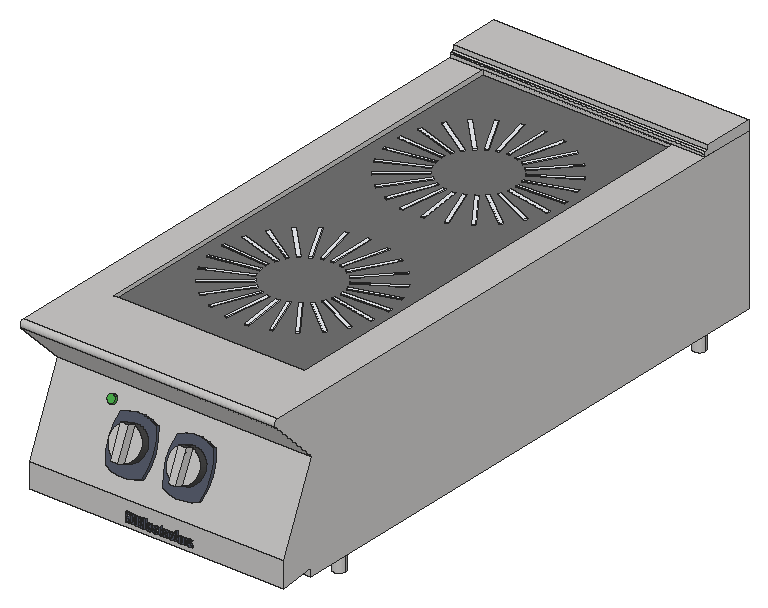
Revit family "QF_ELECTROLUXPROFESSIONAL_391044_E9IRED2000", category Specialty Equipment, Revit 2018
Family settings
  Round Connector Dimension = Use Diameter
  Part Type = Normal
  Work Plane-Based = No
  Always vertical = Yes
  Cut with Voids When Loaded = No
  Shared = No
  Room Calculation Point = No
Parameters
  Width = 400 mm  # constant formula
  Weight in Pounds = 35  # constant formula
  Watts = 0 W
  Volts = 400 V  # constant formula
  URL Cutsheet = "www.electrolux.com/foodservice"
  URL = "www.electrolux.com/foodservice"
  Type Mark [instance] = ""
  Status [instance] = ""
  Specification by User [instance] = ""
  Specification by Manufacturer = ""
  Show Logo [instance] = yes
  Show Clearance [instance] = yes
  Serial Number = ""
  Seismic Rating = ""
  SMACNA No = ""
  Revision Code [instance] = ""
  Phase = 3  # constant formula
  Omniclass Number and Title = ""
  Number of Poles [instance] = 1
  NAFEM Spec ID Number = ""
  Model = "391044"
  Min Ckt Ampacity = 0 A
  Max Overcurrent Protection = 0 A
  Masterspec = ""
  Manufacturer = "ELECTROLUX"
  Item Number [instance] = ""
  Installed By [instance] = ""
  Identify Quantity as Lot [instance] = yes
  Height = 290 mm  # constant formula
  HP = "9.1 HP"
  Furnished By [instance] = ""
  Foodservice Equipment Identifier [instance] = yes
  FL Amps = if(Phase = 3, Watts / (Volts * 1.73), Watts / Volts)  # 0 A
  Electrical Remarks [instance] = "400 V/3N ph/50/60 Hz"  # constant formula
  Electric Connection Type [instance] = ""
  Elec Conn RI Height [instance] = 0 mm
  Elec Conn Connection Height [instance] = 0 mm
  Direct Waste Size = 0"
  Description = "900XP 2 ZONE HOT PLATE ELECTRIC INFRARED COOKING TOP RANGE – 400V"
  Depth = 930 mm  # constant formula
  Cycle = if([60 Hertz Option], 60 Hz, 50 Hz)  # 60 Hz
  Conn Plug = ""
  Conn Conduit = yes
  CSI MasterFormat = ""
  CSI Master Format = ""
  Base Height [instance] = 24 mm  # constant formula
  Apparent Power = if(Phase = 3, Volts * FL Amps * 1.73, Volts * FL Amps)  # 0 VA
  60 Hertz Option = not([50 Hertz Option])  # yes
  50 Hertz Option = no
Reference planes
  plane 1 "BACK": y = 0
  plane 2: z = 0
  plane 3 "LEFT": x = 0
  plane 4 "RIGHT": x = 400
  plane 5 "FRONT": y = -930
  plane 6 "TOP": z = 290
  plane 7 "Center Y": x = 200
  plane 8 "Center X": y = -465
  plane 9 "BASE": z = 24
  plane 10 "TOP A": z = 275
  plane 11: y = -790
  plane 12: y = -82
  plane 13: z = 55
  plane 14: y = 39
Forms (mm)
  Extrusion 1, solid, material "QF_Finishes_Stainless Steel"
    sketch origin (0, 0, 0) x (0, 1, 0) y (0, 0, 1)
      loop
        line (0, 275) -> (-925.027, 275)
        arc (-925.027, 275) -> (-930.893, 271.08) -> (-929.517, 264.16) r 6.35
        line (-929.517, 264.16) -> (-857.416, 191.809) -> (-913.522, 69.19) -> (-913.522, 31.09) -> (-860.4, 36.7) -> (-860.4, 24) -> (0, 24) -> (0, 275)
    from 0 to 400
  Extrusion 2, void
    sketch origin (0, 0, 275) x (-1, 0, 0) y (0, -1, 0)
      loop
        line (-50, 85) -> (-50, 810) -> (-350, 810) -> (-350, 85) -> (-50, 85)
    from 0 to -6.35
  Extrusion 3, solid, material "QF_Finishes_Stainless Steel"
    sketch origin (0, 0, 0) x (1, 0, 0) y (0, 1, 0)
      loop
        circle (11.112, -82) r 9.525
      loop
        circle (388.887, -82) r 9.525
      loop
        circle (11.112, -790) r 9.525
      loop
        circle (388.887, -790) r 9.525
    from 0 to 24
  Extrusion 4, solid, material "QF_Clearances", visible <- "Show Clearance", detail levels coarse
    sketch origin (0, 0, 0) x (1, 0, 0) y (0, 1, 0)
      loop
        line (0, -931.377) -> (0, 0) -> (400, 0) -> (400, -931.377) -> (550.019, -931.377) -> (550.019, 150.019) -> (-150.019, 150.019) -> (-150.019, -931.377) -> (0, -931.377)
    from 0 to 290
  Extrusion 5, solid, material "QF_Finishes_Navy Blue"
    sketch origin (835.325, -913.522, 69.19) x (0, 0.416078, 0.909329) y (-1, 0, 0)
      loop
        arc (101.077, 723.085) -> (66.2, 730.102) -> (31.333, 723.04) r 89.894
        arc (31.333, 723.04) -> (24.638, 694.51) -> (31.333, 665.979) r 64.14
        arc (31.333, 665.979) -> (66.2, 658.914) -> (101.077, 665.935) r 89.853
        arc (101.077, 665.935) -> (107.792, 694.51) -> (101.077, 723.085) r 64.16
      loop
        arc (101.077, 633.085) -> (66.2, 640.102) -> (31.333, 633.04) r 89.894
        arc (31.333, 633.04) -> (24.638, 604.51) -> (31.333, 575.979) r 64.14
        arc (31.333, 575.979) -> (66.2, 568.914) -> (101.077, 575.935) r 89.853
        arc (101.077, 575.935) -> (107.792, 604.51) -> (101.077, 633.085) r 64.16
    from 0 to 3.175
  Extrusion 6, solid, material "QF_Finishes_Stainless Steel"
    sketch origin (835.325, -916.409, 70.511) x (0, 0.416078, 0.909329) y (-1, 0, 0)
      loop
        circle (68.826, 604.332) r 25.4
      loop
        circle (68.826, 695.582) r 25.4
    from 0 to 12.7
  Extrusion 7, solid, material "QF_Finishes_Stainless Steel"
    sketch origin (835.325, -927.958, 75.796) x (0, 0.416078, 0.909329) y (-1, 0, 0)
      loop
        line (93.558, 610.119) -> (44.094, 610.119)
        arc (44.094, 610.119) -> (43.426, 604.332) -> (44.094, 598.546) r 25.4
        line (44.094, 598.546) -> (93.558, 598.546)
        arc (93.558, 598.546) -> (94.226, 604.332) -> (93.558, 610.119) r 25.4
      loop
        line (93.558, 701.369) -> (44.094, 701.369)
        arc (44.094, 701.369) -> (43.426, 695.582) -> (44.094, 689.796) r 25.4
        line (44.094, 689.796) -> (93.558, 689.796)
        arc (93.558, 689.796) -> (94.226, 695.582) -> (93.558, 701.369) r 25.4
    from 0 to 12.7
  Extrusion 8, solid, material "QF_Finishes_Stainless Steel"
    sketch origin (800, 0, 0) x (0, 1, 0) y (0, 0, 1)
      loop
        line (0, 290) -> (-80, 290) -> (-80, 283.447)
        arc (-80, 283.447) -> (-80.635, 281.914) -> (-82.167, 281.279) r 2.167
        line (-82.167, 281.279) -> (-83.733, 281.279)
        arc (-83.733, 281.279) -> (-84.629, 280.908) -> (-85, 280.012) r 1.267
        line (-85, 280.012) -> (-85, 275) -> (0, 275) -> (0, 290)
    from -800 to -400
  Extrusion 9, solid, material "QF_Finishes_Green"
    sketch origin (0, -913.522, 69.19) x (0, 0.416078, 0.909329) y (-1, 0, 0)
      loop
        circle (111.417, -94.398) r 6.35
    from 0 to 3.175
  Extrusion 10, solid, material "QF_Finishes_Navy Blue", visible <- "Show Logo"
    sketch origin (0, -915, 31.09) x (0, 0, 1) y (-1, 0, 0)
      loop
        line (22.074, -162.506) -> (9.707, -162.506)
        arc (9.707, -162.506) -> (15.891, -167.078) -> (22.074, -162.506) r 6.467
      loop
        arc (22.074, -161.877) -> (20.905, -156.734) -> (16.249, -154.256) r 6.338
        line (16.249, -154.256) -> (16.249, -156.302)
        arc (16.249, -156.302) -> (17.733, -159.957) -> (21.178, -161.877) r 5.941
        line (21.178, -161.877) -> (22.074, -161.877)
      loop
        arc (10.603, -161.877) -> (14.048, -159.957) -> (15.532, -156.302) r 5.941
        line (15.532, -156.302) -> (15.532, -154.256)
        arc (15.532, -154.256) -> (10.838, -156.73) -> (9.548, -161.877) r 6.504
        line (9.548, -161.877) -> (10.603, -161.877)
      loop
        line (22.749, -153.787) -> (9.004, -153.787) -> (9.004, -167.55) -> (22.749, -167.55) -> (22.749, -153.787)
      loop
        arc (22.832, -170.518) -> (22.485, -170.16) -> (22.118, -170.498) r 0.358
        arc (22.118, -170.498) -> (21.804, -171.248) -> (21.087, -171.633) r 1.216
        line (21.087, -171.633) -> (10.674, -171.633)
        arc (10.674, -171.633) -> (10.014, -171.356) -> (9.618, -170.759) r 1.238
        arc (9.618, -170.759) -> (9.223, -170.508) -> (8.918, -170.862) r 0.358
        line (8.918, -170.862) -> (8.918, -180.741) -> (11.669, -180.741) -> (11.669, -179.844)
        arc (11.669, -179.844) -> (10.76, -179.264) -> (10.304, -178.287) r 1.928
        line (10.304, -178.287) -> (10.304, -175.788)
        arc (10.304, -175.788) -> (10.58, -175.059) -> (11.268, -174.695) r 1.101
        line (11.268, -174.695) -> (15.355, -174.695) -> (15.355, -178.369)
        arc (15.355, -178.369) -> (15.002, -178.866) -> (14.437, -179.094) r 1.083
        arc (14.437, -179.094) -> (14.173, -179.399) -> (14.465, -179.677) r 0.292
        line (14.465, -179.677) -> (17.428, -179.677)
        arc (17.428, -179.677) -> (17.73, -179.404) -> (17.492, -179.074) r 0.305
        arc (17.492, -179.074) -> (17.001, -178.826) -> (16.696, -178.369) r 1.083
        line (16.696, -178.369) -> (16.696, -174.695) -> (21.373, -174.695) -> (21.373, -178.443)
        arc (21.373, -178.443) -> (21.159, -179.198) -> (20.553, -179.696) r 1.314
        arc (20.553, -179.696) -> (20.334, -180.1) -> (20.688, -180.393) r 0.361
        line (20.688, -180.393) -> (22.832, -180.393) -> (22.832, -170.518)
      loop
        arc (22.115, -181.173) -> (21.735, -182.092) -> (20.816, -182.472) r 1.299
        line (20.816, -182.472) -> (11.237, -182.472)
        arc (11.237, -182.472) -> (10.399, -182.094) -> (10.128, -181.216) r 1.118
        line (10.128, -181.216) -> (8.918, -181.216) -> (8.918, -186.566) -> (10.106, -186.566)
        arc (10.106, -186.566) -> (10.378, -185.649) -> (11.248, -185.253) r 1.153
        line (11.248, -185.253) -> (23.32, -185.253) -> (22.115, -181.173)
      loop
        line (13.883, -189.202) -> (13.883, -195.65) -> (14.682, -195.65)
        arc (14.682, -195.65) -> (17.262, -194.665) -> (18.531, -192.212) r 3.874
        line (18.531, -192.212) -> (18.531, -190.451)
        arc (18.531, -190.451) -> (17.344, -187.586) -> (14.48, -186.4) r 4.051
        line (14.48, -186.4) -> (12.472, -186.4)
        arc (12.472, -186.4) -> (9.653, -187.885) -> (8.602, -190.892) r 4.352
        arc (8.602, -190.892) -> (8.966, -193.355) -> (10.343, -195.429) r 5.713
        line (10.343, -195.429) -> (11.292, -195.429)
        arc (11.292, -195.429) -> (10.56, -193.86) -> (10.343, -192.142) r 5.579
        arc (10.343, -192.142) -> (11.137, -190.179) -> (13.016, -189.202) r 3.057
        line (13.016, -189.202) -> (13.883, -189.202)
      loop
        line (15.142, -189.202) -> (15.142, -192.784)
        arc (15.142, -192.784) -> (16.599, -192.832) -> (17.482, -191.672) r 1.59
        line (17.482, -191.672) -> (17.482, -190.842)
        arc (17.482, -190.842) -> (16.617, -189.587) -> (15.142, -189.202) r 2.184
      loop
        arc (17.933, -205.067) -> (18.422, -203.393) -> (18.579, -201.656) r 9.023
        line (18.579, -201.656) -> (18.579, -200.294)
        arc (18.579, -200.294) -> (17.42, -197.494) -> (14.62, -196.335) r 3.959
        line (14.62, -196.335) -> (12.02, -196.335)
        arc (12.02, -196.335) -> (9.738, -197.627) -> (8.621, -200) r 4.331
        line (8.621, -200) -> (8.621, -202.135)
        arc (8.621, -202.135) -> (9.129, -203.685) -> (10.051, -205.031) r 5.772
        arc (10.051, -205.031) -> (10.812, -205.082) -> (10.899, -204.323) r 0.553
        arc (10.899, -204.323) -> (10.511, -203.589) -> (10.377, -202.77) r 2.573
        line (10.377, -202.77) -> (10.377, -201.255)
        arc (10.377, -201.255) -> (11.383, -199.614) -> (13.198, -198.971) r 2.884
        line (13.198, -198.971) -> (14.477, -198.971)
        arc (14.477, -198.971) -> (16.298, -199.531) -> (17.224, -201.196) r 2.554
        line (17.224, -201.196) -> (17.224, -202.249)
        arc (17.224, -202.249) -> (16.893, -203.177) -> (16.236, -203.912) r 2.564
        arc (16.236, -203.912) -> (16.014, -204.629) -> (16.623, -205.067) r 0.643
        line (16.623, -205.067) -> (17.933, -205.067)
      loop
        line (16.915, -205.337) -> (16.915, -206.838) -> (10.867, -206.838)
        arc (10.867, -206.838) -> (9.279, -207.496) -> (8.621, -209.084) r 2.246
        line (8.621, -209.084) -> (8.621, -210.668)
        arc (8.621, -210.668) -> (8.935, -211.533) -> (9.435, -212.304) r 4.06
        arc (9.435, -212.304) -> (10.168, -212.437) -> (10.419, -211.736) r 0.576
        arc (10.419, -211.736) -> (10.313, -211.211) -> (10.377, -210.678) r 1.69
        arc (10.377, -210.678) -> (10.919, -209.89) -> (11.825, -209.587) r 1.506
        line (11.825, -209.587) -> (16.963, -209.587) -> (16.963, -211.984) -> (17.519, -212.541) -> (18.341, -212.541) -> (18.341, -209.681) -> (21.572, -209.681) -> (16.915, -205.337)
      loop
        line (8.838, -213.438) -> (8.838, -218.825) -> (9.948, -218.825)
        arc (9.948, -218.825) -> (10.342, -217.874) -> (11.293, -217.48) r 1.345
        line (11.293, -217.48) -> (14.909, -217.48)
        arc (14.909, -217.48) -> (15.674, -218.072) -> (15.964, -218.994) r 1.615
        line (15.964, -218.994) -> (15.964, -220.55) -> (18.519, -221.235) -> (18.519, -219.852) -> (16.577, -217.293) -> (18.457, -217.293) -> (18.173, -214.587)
        arc (18.173, -214.587) -> (17.733, -214.057) -> (17.074, -214.258) r 0.621
        arc (17.074, -214.258) -> (16.674, -214.6) -> (16.18, -214.783) r 1.501
        line (16.18, -214.783) -> (11.293, -214.783)
        arc (11.293, -214.783) -> (10.342, -214.389) -> (9.948, -213.438) r 1.345
        line (9.948, -213.438) -> (8.838, -213.438)
      loop
        line (14.94, -220.772) -> (12.248, -220.772)
        arc (12.248, -220.772) -> (9.803, -222.08) -> (8.669, -224.611) r 4.288
        arc (8.669, -224.611) -> (8.605, -225.991) -> (8.669, -227.371) r 15.022
        arc (8.669, -227.371) -> (9.803, -229.902) -> (12.248, -231.209) r 4.288
        line (12.248, -231.209) -> (14.94, -231.209)
        arc (14.94, -231.209) -> (17.386, -229.902) -> (18.519, -227.371) r 4.288
        arc (18.519, -227.371) -> (18.583, -225.991) -> (18.519, -224.611) r 15.022
        arc (18.519, -224.611) -> (17.386, -222.08) -> (14.94, -220.772) r 4.288
      loop
        line (15.145, -223.886) -> (12.043, -223.886)
        arc (12.043, -223.886) -> (9.886, -226.043) -> (12.043, -228.2) r 2.157
        line (12.043, -228.2) -> (15.145, -228.2)
        arc (15.145, -228.2) -> (17.302, -226.043) -> (15.145, -223.886) r 2.157
      loop
        arc (22.126, -231.068) -> (21.755, -231.962) -> (20.861, -232.332) r 1.264
        line (20.861, -232.332) -> (10.997, -232.332)
        arc (10.997, -232.332) -> (10.127, -231.935) -> (9.855, -231.019) r 1.153
        line (9.855, -231.019) -> (8.918, -231.019) -> (8.918, -236.127) -> (9.846, -236.127)
        arc (9.846, -236.127) -> (10.205, -235.355) -> (10.997, -235.04) r 1.153
        line (10.997, -235.04) -> (23.32, -235.04) -> (22.126, -231.068)
      loop
        arc (17.246, -235.665) -> (17.047, -236.729) -> (16.078, -237.211) r 1.215
        line (16.078, -237.211) -> (11.058, -237.211)
        arc (11.058, -237.211) -> (9.443, -237.859) -> (8.722, -239.442) r 2.338
        line (8.722, -239.442) -> (8.722, -240.956)
        arc (8.722, -240.956) -> (8.897, -241.96) -> (9.399, -242.846) r 2.979
        line (9.399, -242.846) -> (8.918, -244.643) -> (8.918, -246.332) -> (18.343, -246.332) -> (18.049, -242.128) -> (17.263, -242.128)
        arc (17.263, -242.128) -> (16.907, -242.964) -> (16.155, -243.473) r 1.605
        line (16.155, -243.473) -> (11.052, -243.473)
        arc (11.052, -243.473) -> (10.632, -242.536) -> (10.559, -241.512) r 2.94
        arc (10.559, -241.512) -> (11.12, -240.411) -> (12.273, -239.968) r 1.724
        line (12.273, -239.968) -> (18.47, -239.968) -> (17.246, -235.665)
      loop
        line (18.274, -247.185) -> (16.602, -249.231) -> (13.428, -251.537) -> (9.972, -248.425)
        arc (9.972, -248.425) -> (9.735, -248.031) -> (9.757, -247.572) r 0.789
        line (9.757, -247.572) -> (8.918, -247.572) -> (8.918, -251.117) -> (9.744, -251.117)
        arc (9.744, -251.117) -> (10.086, -250.755) -> (10.576, -250.847) r 0.52
        line (10.576, -250.847) -> (12.376, -252.318) -> (10.258, -253.694)
        arc (10.258, -253.694) -> (9.857, -253.384) -> (9.77, -252.884) r 0.7
        line (9.77, -252.884) -> (8.918, -252.884) -> (8.918, -258.811) -> (9.805, -258.811)
        arc (9.805, -258.811) -> (9.872, -258.152) -> (10.266, -257.621) r 1.247
        line (10.266, -257.621) -> (14.466, -254.34) -> (16.913, -256.393) -> (18.274, -258.135) -> (18.274, -254.412) -> (16.789, -254.834) -> (15.268, -253.557) -> (16.968, -252.367) -> (18.274, -253.144) -> (18.274, -247.185)
    from 0 to 1.644
  Revolve 11, solid, material "QF_Finishes_Stainless Steel"
    sketch origin (340, 0, 0) x (0, 1, 0) y (0, 0, 1)
      loop
        line (0, 55) -> (39, 55) -> (39, 71.995) -> (5, 71.995) -> (5, 65) -> (0, 65) -> (0, 55)
      axis (39, 55) -> (0, 55)
    angle from 0 to 360
Cuts and joins
  Extrusion 2 cuts Extrusion 1
Lines and regions (mm)
  symbolic lines, style "QF_Clearances", visible <- "Show Clearance", detail levels coarse
    curve 1: line (-150.019, 150.019, 275) -> (-150.019, -931.377, 275)
    curve 2: line (550.019, 150.019, 275) -> (-150.019, 150.019, 275)
    curve 3: line (550.019, -931.377, 275) -> (550.019, 150.019, 275)
  symbolic lines
    curve 4: line (0, 0, 275) -> (400, 0, 275)
    curve 5: line (0, -930, 275) -> (0, 0, 275)
    curve 6: line (400, 0, 275) -> (400, -930, 275)
    curve 7: line (400, -930, 275) -> (0, -930, 275)
    curve 8: line (50, -810, 268.65) -> (50, -110, 268.65)
    curve 9: line (50, -110, 268.65) -> (350, -110, 268.65)
    curve 10: line (350, -110, 268.65) -> (350, -810, 268.65)
    curve 11: line (350, -810, 268.65) -> (50, -810, 268.65)
    curve 12: line (0, -85, 268.65) -> (400, -85, 268.65)
    curve 13: line (0, -80, 268.65) -> (400, -80, 268.65)
Dimensions and locks
  equal spacing: plane 3 "LEFT", plane 7 "Center Y", plane 4 "RIGHT"
  "Width": plane 3 "LEFT" to plane 4 "RIGHT"
  equal spacing: plane 5 "FRONT", plane 8 "Center X", plane 1 "BACK"
  "Depth": plane 5 "FRONT" to plane 1 "BACK"
  "Height": plane 6 "TOP" to level
  "Base Height": plane 9 "BASE" to level
  plane 1 "BACK" to plane 5 "FRONT" = 930 mm
  plane 10 "TOP A" to plane 9 "BASE" = 251 mm  (x2)
  plane 1 "BACK" to plane 12 = 82 mm
  locked: plane 12 to plane 11 at 708
  plane 6 "TOP" to level = 290 mm
  plane 9 "BASE" to level = 24 mm
  Extrusion 1 sketch curve to Extrusion 1 sketch curve to Extrusion 1 sketch curve to Extrusion 1 sketch curve to Extrusion 1 sketch curve to Extrusion 1 sketch curve to Extrusion 1 sketch curve = 2.984 mm locked, 0 mm locked, 53.122 mm locked, 0 mm locked, 11.505 mm locked, 4.49 mm locked
  plane 12 to plane 1 "BACK" = 82 mm
  plane 11 to plane 12 = 708 mm
  cut or joined group of Extrusion 1, Extrusion 2 to plane 10 "TOP A" = 251 mm
  plane 6 "TOP" to plane 2 = 290 mm
  Extrusion 3 sketch curve to plane 1 "BACK" = 82 mm
  Extrusion 3 sketch curve to plane 12 = 708 mm
  plane 13 to plane 2 = 55 mm
  plane 14 to plane 1 "BACK" = 39 mm
  aligned and locked: level to plane 2
Automatic sketch dimensions
  curve 6 to plane 4 "RIGHT" = 0 mm
  curve 5 to plane 3 "LEFT" = 0 mm
  plane 1 "BACK" to curve 5 = 0 mm
  plane 5 "FRONT" to curve 7 = 0 mm
  plane 4 "RIGHT" to curve 3 = 150.019 mm
  plane 5 "FRONT" to curve 1 = 1.377 mm
  curve 1 to plane 3 "LEFT" = 150.019 mm
  plane 14 to curve 1 = 111.019 mm
  plane 5 "FRONT" to curve 3 = 1.377 mm
  Extrusion 1 sketch curve to plane 10 "TOP A" = 0 mm
  Extrusion 1 sketch curve to plane 9 "BASE" = 0 mm
  Extrusion 1 sketch curve to plane 1 "BACK" = 0 mm
  plane 11 to Extrusion 1 sketch curve = 67.416 mm
  plane 9 "BASE" to Extrusion 1 sketch curve = 7.09 mm
  plane 9 "BASE" to Extrusion 1 sketch curve = 12.7 mm
  plane 13 to Extrusion 1 sketch curve = 14.19 mm
  Extrusion 1 sketch curve to plane 10 "TOP A" = 83.191 mm
  Extrusion 1 sketch curve to plane 10 "TOP A" = 10.84 mm
  plane 12 to Extrusion 2 sketch curve = 3 mm
  Extrusion 2 sketch curve to plane 4 "RIGHT" = 50 mm
  plane 11 to Extrusion 2 sketch curve = 20 mm
  plane 3 "LEFT" to Extrusion 2 sketch curve = 50 mm
  plane 11 to Extrusion 3 sketch curve = 0 mm
  plane 12 to Extrusion 3 sketch curve = 0 mm
  plane 3 "LEFT" to Extrusion 3 sketch curve = 11.112 mm  (x2)
  Extrusion 3 sketch curve to plane 4 "RIGHT" = 11.113 mm  (x2)
  Extrusion 4 sketch curve to plane 3 "LEFT" = 0 mm
  plane 1 "BACK" to Extrusion 4 sketch curve = 0 mm
  Extrusion 4 sketch curve to plane 4 "RIGHT" = 0 mm
  Extrusion 4 sketch curve to plane 3 "LEFT" = 150.019 mm
  plane 5 "FRONT" to Extrusion 4 sketch curve = 1.377 mm  (x2)
  plane 4 "RIGHT" to Extrusion 4 sketch curve = 150.019 mm
  plane 14 to Extrusion 4 sketch curve = 111.019 mm
  Extrusion 2 to curve 12 = 0 mm
  Extrusion 2 to curve 11 = 0 mm
  curve 11 to Extrusion 2 = 0 mm  (x2)
  Extrusion 2 to curve 13 = 5 mm
  Extrusion 2 to curve 13 = 50 mm  (x2)
  curve 12 to curve 13 = 0 mm  (x2)
  curve 8 to Extrusion 2 = 25 mm
  Extrusion 5 sketch curve to Extrusion 1 = 31.333 mm  (x4)
  Extrusion 5 sketch curve to Extrusion 5 sketch curve = 12.3 mm  (x6)
  Extrusion 5 sketch curve to Extrusion 5 sketch curve = 34.925 mm  (x3)
  Extrusion 5 sketch curve to Extrusion 5 sketch curve = 0 mm
  Extrusion 5 sketch curve to Extrusion 5 sketch curve = 45.146 mm  (x2)
  Extrusion 1 to Extrusion 5 sketch curve = 114.883 mm
  Extrusion 5 sketch curve to Extrusion 5 sketch curve = 25.727 mm  (x2)
  Extrusion 5 sketch curve to Extrusion 5 sketch curve = 25.771 mm  (x2)
  Extrusion 5 sketch curve to Extrusion 5 sketch curve = 28.531 mm  (x2)
  Extrusion 5 sketch curve to Extrusion 5 sketch curve = 18.56 mm
  Extrusion 6 sketch curve to Extrusion 6 sketch curve = 0 mm
  Extrusion 6 sketch curve to Extrusion 6 sketch curve = 91.25 mm
  Extrusion 7 sketch curve to Extrusion 7 sketch curve = 24.732 mm  (x2)
  Extrusion 7 sketch curve to Extrusion 7 sketch curve = 0 mm  (x2)
  Extrusion 8 sketch curve to plane 10 "TOP A" = 0 mm
  Extrusion 8 sketch curve to plane 6 "TOP" = 0 mm
  Extrusion 8 sketch curve to plane 1 "BACK" = 0 mm
  Extrusion 8 sketch curve to plane 12 = 2 mm
  plane 12 to Extrusion 8 sketch curve = 0.167 mm
  Extrusion 8 sketch curve to Extrusion 8 sketch curve = 1.566 mm
  plane 12 to Extrusion 8 sketch curve = 3 mm
  Extrusion 8 sketch curve to Extrusion 8 sketch curve = 5.012 mm
  Extrusion 1 to Extrusion 9 sketch curve = 23.428 mm
  Extrusion 1 to Extrusion 9 sketch curve = 94.398 mm
  Extrusion 10 sketch curve to plane 7 "Center Y" = 0 mm
  plane 9 "BASE" to Extrusion 10 sketch curve = 10.651 mm
  Extrusion 10 sketch curve to plane 13 = 15.308 mm
  Extrusion 10 sketch curve to plane 13 = 15.289 mm
  Extrusion 10 sketch curve to Extrusion 10 sketch curve = 0 mm  (x28)
  Extrusion 10 sketch curve to Extrusion 10 sketch curve = 5.108 mm
  Extrusion 10 sketch curve to Extrusion 10 sketch curve = 0.054 mm
  Extrusion 10 sketch curve to Extrusion 10 sketch curve = 0.218 mm
  Extrusion 10 sketch curve to Extrusion 10 sketch curve = 0.195 mm
  Extrusion 10 sketch curve to Extrusion 10 sketch curve = 0.249 mm
  Extrusion 10 sketch curve to plane 13 = 14.992 mm
  Extrusion 10 sketch curve to Extrusion 10 sketch curve = 0.087 mm
  Extrusion 10 sketch curve to Extrusion 10 sketch curve = 0.358 mm
  Extrusion 10 sketch curve to Extrusion 10 sketch curve = 0.481 mm
  Extrusion 10 sketch curve to Extrusion 10 sketch curve = 0.597 mm
  Extrusion 10 sketch curve to Extrusion 10 sketch curve = 0.544 mm
  Extrusion 10 sketch curve to Extrusion 10 sketch curve = 0.936 mm
  Extrusion 10 sketch curve to Extrusion 10 sketch curve = 0.594 mm
  Extrusion 10 sketch curve to Extrusion 10 sketch curve = 0.343 mm
  Extrusion 10 sketch curve to Extrusion 10 sketch curve = 0.159 mm
  Extrusion 10 sketch curve to Extrusion 10 sketch curve = 0.826 mm
  Extrusion 10 sketch curve to Extrusion 10 sketch curve = 0.839 mm
  Extrusion 10 sketch curve to Extrusion 10 sketch curve = 0.852 mm
  Extrusion 10 sketch curve to Extrusion 10 sketch curve = 0.887 mm
  Extrusion 10 sketch curve to Extrusion 10 sketch curve = 0.928 mm
  Extrusion 10 sketch curve to Extrusion 10 sketch curve = 0.938 mm
  Extrusion 10 sketch curve to Extrusion 10 sketch curve = 0.444 mm
  Extrusion 10 sketch curve to Extrusion 10 sketch curve = 1.11 mm  (x3)
  Extrusion 10 sketch curve to Extrusion 10 sketch curve = 0.215 mm
  Extrusion 10 sketch curve to Extrusion 10 sketch curve = 1.43 mm
  Extrusion 10 sketch curve to Extrusion 10 sketch curve = 1.188 mm
  Extrusion 10 sketch curve to Extrusion 10 sketch curve = 1.21 mm  (x2)
  Extrusion 10 sketch curve to Extrusion 10 sketch curve = 0.503 mm
  Extrusion 10 sketch curve to Extrusion 10 sketch curve = 0.488 mm
  Extrusion 10 sketch curve to Extrusion 10 sketch curve = 0.462 mm
  Extrusion 10 sketch curve to Extrusion 10 sketch curve = 1.386 mm
  Extrusion 10 sketch curve to Extrusion 10 sketch curve = 1.742 mm  (x2)
  Extrusion 10 sketch curve to Extrusion 10 sketch curve = 0.821 mm
  Extrusion 10 sketch curve to Extrusion 10 sketch curve = 0.497 mm
  Extrusion 10 sketch curve to Extrusion 10 sketch curve = 0.539 mm
  Extrusion 10 sketch curve to Extrusion 10 sketch curve = 0.199 mm
  Extrusion 10 sketch curve to Extrusion 10 sketch curve = 0.408 mm
  Extrusion 10 sketch curve to Extrusion 10 sketch curve = 0.743 mm
  Extrusion 10 sketch curve to Extrusion 10 sketch curve = 1.16 mm
  Extrusion 10 sketch curve to Extrusion 10 sketch curve = 0.329 mm
  Extrusion 10 sketch curve to Extrusion 10 sketch curve = 1.054 mm
  Extrusion 10 sketch curve to Extrusion 10 sketch curve = 1.056 mm
  Extrusion 10 sketch curve to Extrusion 10 sketch curve = 0.129 mm
  Extrusion 10 sketch curve to Extrusion 10 sketch curve = 0.489 mm
  Extrusion 10 sketch curve to Extrusion 10 sketch curve = 0.441 mm
  Extrusion 10 sketch curve to Extrusion 10 sketch curve = 1.151 mm
  Extrusion 10 sketch curve to Extrusion 10 sketch curve = 1.141 mm  (x2)
  Extrusion 10 sketch curve to Extrusion 10 sketch curve = 0.768 mm
  Extrusion 10 sketch curve to Extrusion 10 sketch curve = 1.653 mm
  Extrusion 10 sketch curve to Extrusion 10 sketch curve = 0.499 mm
  Extrusion 10 sketch curve to Extrusion 10 sketch curve = 0.964 mm
  Extrusion 10 sketch curve to Extrusion 10 sketch curve = 0.949 mm
  Extrusion 10 sketch curve to Extrusion 10 sketch curve = 1.345 mm  (x2)
  Extrusion 10 sketch curve to Extrusion 10 sketch curve = 1.101 mm
  Extrusion 10 sketch curve to Extrusion 10 sketch curve = 0.432 mm
  Extrusion 10 sketch curve to Extrusion 10 sketch curve = 1.142 mm
  Extrusion 10 sketch curve to Extrusion 10 sketch curve = 0.959 mm
  Extrusion 10 sketch curve to Extrusion 10 sketch curve = 0.176 mm
  Extrusion 10 sketch curve to Extrusion 10 sketch curve = 0.728 mm
  Extrusion 10 sketch curve to Extrusion 10 sketch curve = 3.375 mm  (x2)
  Extrusion 10 sketch curve to Extrusion 10 sketch curve = 0.541 mm
  Extrusion 10 sketch curve to Extrusion 10 sketch curve = 0.955 mm
  Extrusion 10 sketch curve to Extrusion 10 sketch curve = 1.251 mm
  Extrusion 10 sketch curve to Extrusion 10 sketch curve = 0.572 mm
  Extrusion 10 sketch curve to Extrusion 10 sketch curve = 1.92 mm
  Extrusion 10 sketch curve to Extrusion 10 sketch curve = 1.224 mm
  Extrusion 10 sketch curve to Extrusion 10 sketch curve = 0.745 mm
  plane 7 "Center Y" to Extrusion 10 sketch curve = 0.572 mm
  Extrusion 10 sketch curve to Extrusion 10 sketch curve = 2.537 mm
  Extrusion 10 sketch curve to Extrusion 10 sketch curve = 0.896 mm  (x3)
  Extrusion 10 sketch curve to Extrusion 10 sketch curve = 0.036 mm
  Extrusion 10 sketch curve to Extrusion 10 sketch curve = 2.607 mm
  Extrusion 10 sketch curve to Extrusion 10 sketch curve = 0.066 mm
  Extrusion 10 sketch curve to Extrusion 10 sketch curve = 0.248 mm
  Extrusion 10 sketch curve to Extrusion 10 sketch curve = 0.449 mm
  Extrusion 10 sketch curve to Extrusion 10 sketch curve = 1.052 mm
  Extrusion 10 sketch curve to Extrusion 10 sketch curve = 1.863 mm
  Extrusion 10 sketch curve to Extrusion 10 sketch curve = 1.31 mm  (x2)
  Extrusion 10 sketch curve to Extrusion 10 sketch curve = 0.901 mm
  Extrusion 10 sketch curve to Extrusion 10 sketch curve = 1.107 mm
  Extrusion 10 sketch curve to Extrusion 10 sketch curve = 2.122 mm
  Extrusion 10 sketch curve to Extrusion 10 sketch curve = 2.101 mm
  Extrusion 10 sketch curve to Extrusion 10 sketch curve = 0.106 mm
  Extrusion 10 sketch curve to Extrusion 10 sketch curve = 0.029 mm
  Extrusion 10 sketch curve to Extrusion 10 sketch curve = 2.09 mm
  Extrusion 10 sketch curve to Extrusion 10 sketch curve = 1.279 mm
  Extrusion 10 sketch curve to Extrusion 10 sketch curve = 2.008 mm
  Extrusion 10 sketch curve to Extrusion 10 sketch curve = 0.738 mm
  Extrusion 10 sketch curve to Extrusion 10 sketch curve = 0.382 mm
  Extrusion 10 sketch curve to Extrusion 10 sketch curve = 0.384 mm
  Extrusion 10 sketch curve to Extrusion 10 sketch curve = 0.002 mm
  Extrusion 10 sketch curve to Extrusion 10 sketch curve = 0.561 mm
  Extrusion 10 sketch curve to Extrusion 10 sketch curve = 0.592 mm
  Extrusion 10 sketch curve to Extrusion 10 sketch curve = 2.692 mm
  Extrusion 10 sketch curve to Extrusion 10 sketch curve = 1.259 mm
  Extrusion 10 sketch curve to Extrusion 10 sketch curve = 0.802 mm
  Extrusion 10 sketch curve to Extrusion 10 sketch curve = 1.024 mm  (x2)
  Extrusion 10 sketch curve to Extrusion 10 sketch curve = 0.682 mm
  Extrusion 10 sketch curve to Extrusion 10 sketch curve = 5.934 mm
  Extrusion 10 sketch curve to Extrusion 10 sketch curve = 2.186 mm
  Extrusion 10 sketch curve to Extrusion 10 sketch curve = 0.337 mm
  Extrusion 10 sketch curve to Extrusion 10 sketch curve = 0.021 mm
  Extrusion 10 sketch curve to Extrusion 10 sketch curve = 1.005 mm
  Extrusion 10 sketch curve to Extrusion 10 sketch curve = 0.552 mm
  Extrusion 10 sketch curve to Extrusion 10 sketch curve = 0.778 mm
  Extrusion 10 sketch curve to Extrusion 10 sketch curve = 0.063 mm
  Extrusion 10 sketch curve to Extrusion 10 sketch curve = 1.023 mm
  Extrusion 10 sketch curve to Extrusion 10 sketch curve = 3.804 mm
  Extrusion 10 sketch curve to Extrusion 10 sketch curve = 0.486 mm
  Extrusion 10 sketch curve to Extrusion 10 sketch curve = 0.266 mm  (x2)
  Extrusion 10 sketch curve to Extrusion 10 sketch curve = 1.547 mm
  Extrusion 10 sketch curve to Extrusion 10 sketch curve = 0.717 mm  (x2)
  Extrusion 10 sketch curve to Extrusion 10 sketch curve = 1.667 mm
  Extrusion 10 sketch curve to Extrusion 10 sketch curve = 3.174 mm
  Extrusion 10 sketch curve to Extrusion 10 sketch curve = 0.388 mm
  Extrusion 10 sketch curve to Extrusion 10 sketch curve = 1.342 mm
  Extrusion 10 sketch curve to Extrusion 10 sketch curve = 1.521 mm
  Extrusion 10 sketch curve to Extrusion 10 sketch curve = 0.124 mm
  Extrusion 10 sketch curve to Extrusion 10 sketch curve = 0.291 mm
  Extrusion 10 sketch curve to Extrusion 10 sketch curve = 1.049 mm  (x2)
  Extrusion 10 sketch curve to Extrusion 10 sketch curve = 1.7 mm
  Extrusion 10 sketch curve to Extrusion 10 sketch curve = 0.894 mm
  Extrusion 10 sketch curve to Extrusion 10 sketch curve = 0.989 mm
  Extrusion 10 sketch curve to Extrusion 10 sketch curve = 1.168 mm
  Extrusion 10 sketch curve to Extrusion 10 sketch curve = 1.594 mm
  Extrusion 10 sketch curve to Extrusion 10 sketch curve = 0.731 mm
  Extrusion 10 sketch curve to Extrusion 10 sketch curve = 1.566 mm
  Extrusion 10 sketch curve to Extrusion 10 sketch curve = 0.064 mm
  Extrusion 10 sketch curve to Extrusion 10 sketch curve = 0.556 mm  (x3)
  Extrusion 10 sketch curve to Extrusion 10 sketch curve = 0.48 mm
  Extrusion 10 sketch curve to Extrusion 10 sketch curve = 1.018 mm
  Extrusion 10 sketch curve to Extrusion 10 sketch curve = 0.787 mm
  Extrusion 10 sketch curve to Extrusion 10 sketch curve = 0.618 mm
  Extrusion 10 sketch curve to Extrusion 10 sketch curve = 1.672 mm
  Extrusion 10 sketch curve to Extrusion 10 sketch curve = 1.361 mm
  Extrusion 10 sketch curve to Extrusion 10 sketch curve = 0.822 mm
  Extrusion 10 sketch curve to Extrusion 10 sketch curve = 0.069 mm
  Extrusion 10 sketch curve to Extrusion 10 sketch curve = 1.88 mm
  Extrusion 10 sketch curve to Extrusion 10 sketch curve = 0.42 mm
  Extrusion 10 sketch curve to Extrusion 10 sketch curve = 0.062 mm
  Extrusion 10 sketch curve to Extrusion 10 sketch curve = 1.355 mm
  Extrusion 10 sketch curve to Extrusion 10 sketch curve = 2.34 mm
  Extrusion 10 sketch curve to Extrusion 10 sketch curve = 0.493 mm
  Extrusion 10 sketch curve to Extrusion 10 sketch curve = 0.136 mm
  Extrusion 10 sketch curve to Extrusion 10 sketch curve = 0.128 mm
  Extrusion 10 sketch curve to plane 13 = 3.048 mm
  Extrusion 10 sketch curve to plane 13 = 3.006 mm
  Extrusion 10 sketch curve to Extrusion 10 sketch curve = 0.183 mm
  Extrusion 10 sketch curve to Extrusion 10 sketch curve = 0.895 mm
  Extrusion 10 sketch curve to Extrusion 10 sketch curve = 1.314 mm
  Extrusion 10 sketch curve to plane 13 = 2.337 mm
  Extrusion 10 sketch curve to Extrusion 10 sketch curve = 1.299 mm
  Extrusion 10 sketch curve to Extrusion 10 sketch curve = 1.214 mm
  Extrusion 10 sketch curve to Extrusion 10 sketch curve = 1.264 mm
  Extrusion 10 sketch curve to plane 13 = 1.726 mm
  Extrusion 10 sketch curve to Extrusion 10 sketch curve = 0.357 mm
  Extrusion 10 sketch curve to plane 13 = 1.161 mm
  Extrusion 10 sketch curve to plane 13 = 0.589 mm  (x2)
  Extrusion 10 sketch curve to plane 13 = 0.282 mm
  Extrusion 10 sketch curve to Extrusion 10 sketch curve = 0.836 mm
  plane 7 "Center Y" to Extrusion 10 sketch curve = 1.196 mm
  plane 7 "Center Y" to Extrusion 10 sketch curve = 1.255 mm
  Extrusion 10 sketch curve to Extrusion 10 sketch curve = 0.386 mm
  Extrusion 10 sketch curve to Extrusion 10 sketch curve = 1.363 mm
  Extrusion 10 sketch curve to Extrusion 10 sketch curve = 0.458 mm
  Extrusion 10 sketch curve to Extrusion 10 sketch curve = 0.352 mm
  Extrusion 10 sketch curve to Extrusion 10 sketch curve = 0.27 mm  (x2)
  Extrusion 10 sketch curve to Extrusion 10 sketch curve = 1.808 mm
  Extrusion 10 sketch curve to Extrusion 10 sketch curve = 2.748 mm
  Extrusion 10 sketch curve to Extrusion 10 sketch curve = 0.094 mm
  Extrusion 10 sketch curve to Extrusion 10 sketch curve = 0.137 mm  (x2)
  Extrusion 10 sketch curve to Extrusion 10 sketch curve = 2.397 mm
  Extrusion 10 sketch curve to Extrusion 10 sketch curve = 1.322 mm
  Extrusion 10 sketch curve to Extrusion 10 sketch curve = 1.134 mm
  Extrusion 10 sketch curve to Extrusion 10 sketch curve = 2.51 mm
  Extrusion 10 sketch curve to Extrusion 10 sketch curve = 0.187 mm
  Extrusion 10 sketch curve to Extrusion 10 sketch curve = 2.559 mm
  Extrusion 10 sketch curve to Extrusion 10 sketch curve = 1.556 mm
  Extrusion 10 sketch curve to Extrusion 10 sketch curve = 0.222 mm
  Extrusion 10 sketch curve to Extrusion 10 sketch curve = 1.383 mm
  Extrusion 10 sketch curve to Extrusion 10 sketch curve = 3.114 mm
  Extrusion 10 sketch curve to Extrusion 10 sketch curve = 3.376 mm
  Extrusion 10 sketch curve to Extrusion 10 sketch curve = 0.934 mm
  Extrusion 10 sketch curve to Extrusion 10 sketch curve = 0.191 mm
  Extrusion 10 sketch curve to Extrusion 10 sketch curve = 3.696 mm
  Extrusion 10 sketch curve to Extrusion 10 sketch curve = 2.708 mm
  Extrusion 10 sketch curve to Extrusion 10 sketch curve = 3.333 mm
  Extrusion 10 sketch curve to Extrusion 10 sketch curve = 0.332 mm
  Extrusion 10 sketch curve to Extrusion 10 sketch curve = 1.087 mm
  Extrusion 10 sketch curve to Extrusion 10 sketch curve = 2.23 mm
  Extrusion 10 sketch curve to Extrusion 10 sketch curve = 2.757 mm
  Extrusion 10 sketch curve to Extrusion 10 sketch curve = 0.987 mm
  Extrusion 10 sketch curve to Extrusion 10 sketch curve = 1.529 mm
  Extrusion 10 sketch curve to Extrusion 10 sketch curve = 1.796 mm
  Extrusion 10 sketch curve to Extrusion 10 sketch curve = 2.859 mm
  Extrusion 10 sketch curve to Extrusion 10 sketch curve = 0.853 mm
  Extrusion 10 sketch curve to Extrusion 10 sketch curve = 1.241 mm
  Extrusion 10 sketch curve to Extrusion 10 sketch curve = 2.046 mm  (x2)
  Extrusion 10 sketch curve to Extrusion 10 sketch curve = 2.422 mm
  Extrusion 10 sketch curve to Extrusion 10 sketch curve = 0.69 mm
  Extrusion 10 sketch curve to Extrusion 10 sketch curve = 0.781 mm  (x2)
  Extrusion 10 sketch curve to Extrusion 10 sketch curve = 3.136 mm
  Extrusion 10 sketch curve to Extrusion 10 sketch curve = 1.767 mm
  Extrusion 10 sketch curve to Extrusion 10 sketch curve = 0.138 mm
  Extrusion 10 sketch curve to Extrusion 10 sketch curve = 0.777 mm
  Extrusion 10 sketch curve to Extrusion 10 sketch curve = 1.19 mm
  Extrusion 10 sketch curve to Extrusion 10 sketch curve = 0.782 mm
  Extrusion 10 sketch curve to Extrusion 10 sketch curve = 1.268 mm
  Extrusion 10 sketch curve to Extrusion 10 sketch curve = 0.422 mm
  Extrusion 10 sketch curve to Extrusion 10 sketch curve = 1.559 mm
  Extrusion 10 sketch curve to Extrusion 10 sketch curve = 3.927 mm
  Extrusion 10 sketch curve to Extrusion 10 sketch curve = 0.983 mm
  Extrusion 10 sketch curve to Extrusion 10 sketch curve = 0.685 mm
  Extrusion 10 sketch curve to Extrusion 10 sketch curve = 0.905 mm
  Extrusion 10 sketch curve to Extrusion 10 sketch curve = 2.865 mm
  Extrusion 10 sketch curve to Extrusion 10 sketch curve = 0.472 mm
  Extrusion 10 sketch curve to Extrusion 10 sketch curve = 0.101 mm
  Extrusion 10 sketch curve to Extrusion 10 sketch curve = 0.54 mm
  Extrusion 10 sketch curve to Extrusion 10 sketch curve = 0.02 mm
  Extrusion 10 sketch curve to Extrusion 10 sketch curve = 0.468 mm
  Extrusion 10 sketch curve to Extrusion 10 sketch curve = 0.829 mm
  Extrusion 10 sketch curve to Extrusion 10 sketch curve = 0.582 mm
  Extrusion 10 sketch curve to Extrusion 10 sketch curve = 0.166 mm
  Extrusion 10 sketch curve to Extrusion 10 sketch curve = 0.16 mm
  Extrusion 10 sketch curve to Extrusion 10 sketch curve = 2.781 mm
  Extrusion 10 sketch curve to Extrusion 10 sketch curve = 1.118 mm
  Extrusion 10 sketch curve to Extrusion 10 sketch curve = 0.613 mm
  Extrusion 10 sketch curve to Extrusion 10 sketch curve = 0.361 mm
  Extrusion 10 sketch curve to Extrusion 10 sketch curve = 0.897 mm
  Extrusion 10 sketch curve to Extrusion 10 sketch curve = 0.167 mm
  Extrusion 10 sketch curve to Extrusion 10 sketch curve = 0.292 mm
  Extrusion 10 sketch curve to Extrusion 10 sketch curve = 0.305 mm
  Extrusion 10 sketch curve to Extrusion 10 sketch curve = 1.557 mm
  Extrusion 10 sketch curve to Extrusion 10 sketch curve = 2.499 mm
  Extrusion 10 sketch curve to Extrusion 10 sketch curve = 3.062 mm
  Extrusion 10 sketch curve to Extrusion 10 sketch curve = 2.968 mm
  Extrusion 10 sketch curve to Extrusion 10 sketch curve = 5.044 mm
  Extrusion 10 sketch curve to Extrusion 10 sketch curve = 0.629 mm  (x2)
  Extrusion 10 sketch curve to Extrusion 10 sketch curve = 1.131 mm
  Extrusion 10 sketch curve to Extrusion 10 sketch curve = 0.027 mm
  Extrusion 10 sketch curve to Extrusion 10 sketch curve = 2.235 mm
  Revolve 11 sketch curve to plane 13 = 0 mm  (x2)
  Revolve 11 sketch curve to plane 1 "BACK" = 0 mm
  Revolve 11 sketch curve to plane 14 = 0 mm
  plane 1 "BACK" to Revolve 11 sketch curve = 15 mm
  Revolve 11 sketch curve to Revolve 11 sketch curve = 15 mm
  Revolve 11 sketch curve to plane 1 "BACK" = 5 mm
  plane 13 to Revolve 11 sketch curve = 10 mm
  Revolve 11 sketch curve to Revolve 11 sketch curve = 6.995 mm
  radius of Extrusion 3 sketch curve = 9.525 mm  (x4)
  radius of Extrusion 6 sketch curve = 25.4 mm  (x2)
  radius of Extrusion 7 sketch curve to Extrusion 6 = 0 mm  (x4)
  radius of Extrusion 9 sketch curve = 6.35 mm
Nested families
  nested 1: "INDUCTION BURNER" at (68.5, -148.911, 268.65), type "INDUCTION BURNER"
    with Type Mark "", Status "", Specification by User "", Revision Code "", Item Number "", Installed By "", Identify Quantity as Lot yes, Furnished By "", Foodservice Equipment Identifier yes
  nested 2: "INDUCTION BURNER" at (68.5, -494.622, 268.65), type "INDUCTION BURNER"
    with Type Mark "", Status "", Specification by User "", Revision Code "", Item Number "", Installed By "", Identify Quantity as Lot yes, Furnished By "", Foodservice Equipment Identifier yes
Connectors
  electrical at (340, 39, 55), driven by "Volts", driven by "Watts"
    settings: on Revolve 11, index 1, voltage 400 V, apparent load 0 VA, apparent load phase1 0 VA, apparent load phase2 0 VA, apparent load phase3 0 VA, power factor 1, load classification "Other", number of poles 1, system type 30, power factor state 1, is connector primary yes, connector utility no, sub classification motor no, connector description "ELECTRICAL CONNECTION"
Definition of nested family "INDUCTION BURNER"
  Parameters
    Weight in Pounds = 0
    URL Cutsheet = ""
    Type Mark [instance] = ""
    Status [instance] = ""
    Specification by User [instance] = ""
    Specification by Manufacturer = ""
    Serial Number = ""
    Seismic Rating = ""
    SMACNA No = ""
    Revision Code [instance] = ""
    Omniclass Number and Title = ""
    NAFEM Spec ID Number = ""
    Masterspec = ""
    Item Number [instance] = ""
    Installed By [instance] = ""
    Identify Quantity as Lot [instance] = yes
    Furnished By [instance] = ""
    Foodservice Equipment Identifier [instance] = yes
    CSI MasterFormat = ""
    CSI Master Format = ""
    Assembly Code = ""
  Reference planes
    plane 1 "BACK": y = 0
    plane 2: z = 0
    plane 3 "LEFT": x = 0
    plane 4 "RIGHT": x = 263
    plane 5 "FRONT": y = -263
    plane 6 "TOP": z = 0.794
    plane 7 "Center Y": x = 131.5
    plane 8 "Center X": y = -131.5
  Forms (mm)
    Extrusion 1, solid
      sketch origin (0, 0, 0) x (1, 0, 0) y (0, 1, 0)
        loop
          line (134, -73.314) -> (134, 0) -> (129, 0) -> (129, -73.314) -> (134, -73.314)
        loop
          line (119.451, -74.521) -> (101.219, -3.51) -> (96.376, -4.753) -> (114.608, -75.764) -> (119.451, -74.521)
        loop
          line (105.66, -79.307) -> (70.34, -15.061) -> (65.959, -17.47) -> (101.278, -81.716) -> (105.66, -79.307)
        loop
          line (93.492, -87.373) -> (43.304, -33.929) -> (39.66, -37.352) -> (89.847, -90.796) -> (93.492, -87.373)
        loop
          line (83.712, -98.212) -> (21.81, -58.928) -> (19.131, -63.15) -> (81.033, -102.433) -> (83.712, -98.212)
        loop
          line (5.664, -93.242) -> (75.39, -115.897) -> (76.935, -111.142) -> (7.209, -88.487) -> (5.664, -93.242)
        loop
          line (73.586, -125.351) -> (0.416, -120.748) -> (0.103, -125.738) -> (73.272, -130.342) -> (73.586, -125.351)
        loop
          line (73.876, -139.947) -> (1.861, -153.685) -> (2.798, -158.596) -> (74.813, -144.859) -> (73.876, -139.947)
        loop
          line (77.788, -154.012) -> (11.451, -185.228) -> (13.58, -189.752) -> (79.916, -158.536) -> (77.788, -154.012)
        loop
          line (85.074, -166.663) -> (28.584, -213.395) -> (31.771, -217.248) -> (88.261, -170.515) -> (85.074, -166.663)
        loop
          line (95.277, -177.104) -> (52.184, -236.416) -> (56.229, -239.355) -> (99.322, -180.043) -> (95.277, -177.104)
        loop
          line (107.756, -184.679) -> (80.767, -252.845) -> (85.416, -254.686) -> (112.405, -186.52) -> (107.756, -184.679)
        loop
          line (121.727, -188.914) -> (112.538, -261.65) -> (117.499, -262.276) -> (126.688, -189.54) -> (121.727, -188.914)
        loop
          line (143.549, -74.521) -> (148.392, -75.764) -> (166.624, -4.753) -> (161.781, -3.51) -> (143.549, -74.521)
        loop
          line (157.34, -79.307) -> (161.722, -81.716) -> (197.041, -17.47) -> (192.66, -15.061) -> (157.34, -79.307)
        loop
          line (169.508, -87.373) -> (173.153, -90.796) -> (223.34, -37.352) -> (219.696, -33.929) -> (169.508, -87.373)
        loop
          line (179.288, -98.212) -> (181.967, -102.433) -> (243.869, -63.15) -> (241.19, -58.928) -> (179.288, -98.212)
        loop
          line (257.336, -93.242) -> (255.791, -88.487) -> (186.065, -111.142) -> (187.61, -115.897) -> (257.336, -93.242)
        loop
          line (189.414, -125.351) -> (189.728, -130.342) -> (262.897, -125.738) -> (262.584, -120.748) -> (189.414, -125.351)
        loop
          line (189.124, -139.947) -> (188.187, -144.859) -> (260.202, -158.596) -> (261.139, -153.685) -> (189.124, -139.947)
        loop
          line (185.212, -154.012) -> (183.084, -158.536) -> (249.42, -189.752) -> (251.549, -185.228) -> (185.212, -154.012)
        loop
          line (177.926, -166.663) -> (174.739, -170.515) -> (231.229, -217.248) -> (234.416, -213.395) -> (177.926, -166.663)
        loop
          line (167.723, -177.104) -> (163.678, -180.043) -> (206.771, -239.355) -> (210.816, -236.416) -> (167.723, -177.104)
        loop
          line (155.244, -184.679) -> (150.595, -186.52) -> (177.584, -254.686) -> (182.233, -252.845) -> (155.244, -184.679)
        loop
          line (141.273, -188.914) -> (136.312, -189.54) -> (145.501, -262.276) -> (150.462, -261.65) -> (141.273, -188.914)
      from 0 to 0.8
  Lines and regions (mm)
    symbolic lines
      curve 1: line (134, -73.314, 0) -> (134, 0, 0)
      curve 2: line (134, 0, 0) -> (129, 0, 0)
      curve 3: line (129, 0, 0) -> (129, -73.314, 0)
      curve 4: line (129, -73.314, 0) -> (134, -73.314, 0)
      curve 5: line (148.392, -75.764, 0) -> (166.624, -4.753, 0)
      curve 6: line (166.624, -4.753, 0) -> (161.781, -3.51, 0)
      curve 7: line (161.781, -3.51, 0) -> (143.549, -74.521, 0)
      curve 8: line (143.549, -74.521, 0) -> (148.392, -75.764, 0)
      curve 9: line (119.451, -74.521, 0) -> (101.219, -3.51, 0)
      curve 10: line (101.219, -3.51, 0) -> (96.376, -4.753, 0)
      curve 11: line (96.376, -4.753, 0) -> (114.608, -75.764, 0)
      curve 12: line (114.608, -75.764, 0) -> (119.451, -74.521, 0)
      curve 13: line (105.66, -79.307, 0) -> (70.34, -15.061, 0)
      curve 14: line (70.34, -15.061, 0) -> (65.959, -17.47, 0)
      curve 15: line (65.959, -17.47, 0) -> (101.278, -81.716, 0)
      curve 16: line (101.278, -81.716, 0) -> (105.66, -79.307, 0)
      curve 17: line (93.492, -87.373, 0) -> (43.304, -33.929, 0)
      curve 18: line (43.304, -33.929, 0) -> (39.66, -37.352, 0)
      curve 19: line (39.66, -37.352, 0) -> (89.847, -90.796, 0)
      curve 20: line (89.847, -90.796, 0) -> (93.492, -87.373, 0)
      curve 21: line (83.712, -98.212, 0) -> (21.81, -58.928, 0)
      curve 22: line (21.81, -58.928, 0) -> (19.131, -63.15, 0)
      curve 23: line (19.131, -63.15, 0) -> (81.033, -102.433, 0)
      curve 24: line (81.033, -102.433, 0) -> (83.712, -98.212, 0)
      curve 25: line (76.935, -111.142, 0) -> (7.209, -88.487, 0)
      curve 26: line (7.209, -88.487, 0) -> (5.664, -93.242, 0)
      curve 27: line (5.664, -93.242, 0) -> (75.39, -115.897, 0)
      curve 28: line (75.39, -115.897, 0) -> (76.935, -111.142, 0)
      curve 29: line (73.586, -125.351, 0) -> (0.416, -120.748, 0)
      curve 30: line (0.416, -120.748, 0) -> (0.103, -125.738, 0)
      curve 31: line (0.103, -125.738, 0) -> (73.272, -130.342, 0)
      curve 32: line (73.272, -130.342, 0) -> (73.586, -125.351, 0)
      curve 33: line (73.876, -139.947, 0) -> (1.861, -153.685, 0)
      curve 34: line (1.861, -153.685, 0) -> (2.798, -158.596, 0)
      curve 35: line (2.798, -158.596, 0) -> (74.813, -144.859, 0)
      curve 36: line (74.813, -144.859, 0) -> (73.876, -139.947, 0)
      curve 37: line (77.788, -154.012, 0) -> (11.451, -185.228, 0)
      curve 38: line (11.451, -185.228, 0) -> (13.58, -189.752, 0)
      curve 39: line (13.58, -189.752, 0) -> (79.916, -158.536, 0)
      curve 40: line (79.916, -158.536, 0) -> (77.788, -154.012, 0)
      curve 41: line (85.074, -166.663, 0) -> (28.584, -213.395, 0)
      curve 42: line (28.584, -213.395, 0) -> (31.771, -217.248, 0)
      curve 43: line (31.771, -217.248, 0) -> (88.261, -170.515, 0)
      curve 44: line (88.261, -170.515, 0) -> (85.074, -166.663, 0)
      curve 45: line (95.277, -177.104, 0) -> (52.184, -236.416, 0)
      curve 46: line (52.184, -236.416, 0) -> (56.229, -239.355, 0)
      curve 47: line (56.229, -239.355, 0) -> (99.322, -180.043, 0)
      curve 48: line (99.322, -180.043, 0) -> (95.277, -177.104, 0)
      curve 49: line (107.756, -184.679, 0) -> (80.767, -252.845, 0)
      curve 50: line (80.767, -252.845, 0) -> (85.416, -254.686, 0)
      curve 51: line (85.416, -254.686, 0) -> (112.405, -186.52, 0)
      curve 52: line (112.405, -186.52, 0) -> (107.756, -184.679, 0)
      curve 53: line (121.727, -188.914, 0) -> (112.538, -261.65, 0)
      curve 54: line (112.538, -261.65, 0) -> (117.499, -262.276, 0)
      curve 55: line (117.499, -262.276, 0) -> (126.688, -189.54, 0)
      curve 56: line (126.688, -189.54, 0) -> (121.727, -188.914, 0)
      curve 57: line (136.312, -189.54, 0) -> (145.501, -262.276, 0)
      curve 58: line (145.501, -262.276, 0) -> (150.462, -261.65, 0)
      curve 59: line (150.462, -261.65, 0) -> (141.273, -188.914, 0)
      curve 60: line (141.273, -188.914, 0) -> (136.312, -189.54, 0)
      curve 61: line (150.595, -186.52, 0) -> (177.584, -254.686, 0)
      curve 62: line (177.584, -254.686, 0) -> (182.233, -252.845, 0)
      curve 63: line (182.233, -252.845, 0) -> (155.244, -184.679, 0)
      curve 64: line (155.244, -184.679, 0) -> (150.595, -186.52, 0)
      curve 65: line (163.678, -180.043, 0) -> (206.771, -239.355, 0)
      curve 66: line (206.771, -239.355, 0) -> (210.816, -236.416, 0)
      curve 67: line (210.816, -236.416, 0) -> (167.723, -177.104, 0)
      curve 68: line (167.723, -177.104, 0) -> (163.678, -180.043, 0)
      curve 69: line (174.739, -170.515, 0) -> (231.229, -217.248, 0)
      curve 70: line (231.229, -217.248, 0) -> (234.416, -213.395, 0)
      curve 71: line (234.416, -213.395, 0) -> (177.926, -166.663, 0)
      curve 72: line (177.926, -166.663, 0) -> (174.739, -170.515, 0)
      curve 73: line (183.084, -158.536, 0) -> (249.42, -189.752, 0)
      curve 74: line (249.42, -189.752, 0) -> (251.549, -185.228, 0)
      curve 75: line (251.549, -185.228, 0) -> (185.212, -154.012, 0)
      curve 76: line (185.212, -154.012, 0) -> (183.084, -158.536, 0)
      curve 77: line (188.187, -144.859, 0) -> (260.202, -158.596, 0)
      curve 78: line (260.202, -158.596, 0) -> (261.139, -153.685, 0)
      curve 79: line (261.139, -153.685, 0) -> (189.124, -139.947, 0)
      curve 80: line (189.124, -139.947, 0) -> (188.187, -144.859, 0)
      curve 81: line (189.728, -130.342, 0) -> (262.897, -125.738, 0)
      curve 82: line (262.897, -125.738, 0) -> (262.584, -120.748, 0)
      curve 83: line (262.584, -120.748, 0) -> (189.414, -125.351, 0)
      curve 84: line (189.414, -125.351, 0) -> (189.728, -130.342, 0)
      curve 85: line (187.61, -115.897, 0) -> (257.336, -93.242, 0)
      curve 86: line (257.336, -93.242, 0) -> (255.791, -88.487, 0)
      curve 87: line (255.791, -88.487, 0) -> (186.065, -111.142, 0)
      curve 88: line (186.065, -111.142, 0) -> (187.61, -115.897, 0)
      curve 89: line (181.967, -102.433, 0) -> (243.869, -63.15, 0)
      curve 90: line (243.869, -63.15, 0) -> (241.19, -58.928, 0)
      curve 91: line (241.19, -58.928, 0) -> (179.288, -98.212, 0)
      curve 92: line (179.288, -98.212, 0) -> (181.967, -102.433, 0)
      curve 93: line (173.153, -90.796, 0) -> (223.34, -37.352, 0)
      curve 94: line (223.34, -37.352, 0) -> (219.696, -33.929, 0)
      curve 95: line (219.696, -33.929, 0) -> (169.508, -87.373, 0)
      curve 96: line (169.508, -87.373, 0) -> (173.153, -90.796, 0)
      curve 97: line (161.722, -81.716, 0) -> (197.041, -17.47, 0)
      curve 98: line (197.041, -17.47, 0) -> (192.66, -15.061, 0)
      curve 99: line (192.66, -15.061, 0) -> (157.34, -79.307, 0)
      curve 100: line (157.34, -79.307, 0) -> (161.722, -81.716, 0)
  Dimensions and locks
    equal spacing: plane 3 "LEFT", plane 7 "Center Y", plane 4 "RIGHT"
    plane 3 "LEFT" to plane 4 "RIGHT" = 263 mm
    equal spacing: plane 5 "FRONT", plane 8 "Center X", plane 1 "BACK"
    plane 5 "FRONT" to plane 1 "BACK" = 263 mm
    plane 6 "TOP" to level = 0.794 mm
    aligned and locked: level to plane 2
  Automatic sketch dimensions
    plane 1 "BACK" to curve 1 = 0 mm
    plane 3 "LEFT" to curve 31 = 0.103 mm
    plane 3 "LEFT" to curve 33 = 1.861 mm
    plane 3 "LEFT" to curve 26 = 5.664 mm
    plane 3 "LEFT" to curve 38 = 11.451 mm
    curve 37 to curve 39 = 2.129 mm
    plane 3 "LEFT" to curve 22 = 19.131 mm
    curve 38 to curve 42 = 15.004 mm
    curve 21 to curve 18 = 17.849 mm
    plane 1 "BACK" to curve 14 = 15.061 mm
    curve 14 to curve 14 = 4.382 mm
    plane 8 "Center X" to curve 32 = 1.158 mm
    curve 32 to curve 29 = 0.314 mm
    curve 31 to curve 36 = 0.604 mm
    curve 33 to plane 8 "Center X" = 8.447 mm
    curve 33 to curve 35 = 0.937 mm
    curve 29 to curve 28 = 1.803 mm
    plane 8 "Center X" to curve 27 = 15.603 mm
    curve 27 to curve 25 = 1.545 mm
    curve 36 to curve 40 = 2.974 mm
    curve 37 to plane 8 "Center X" = 22.512 mm
    curve 25 to curve 23 = 4.098 mm
    curve 23 to curve 21 = 2.679 mm
    curve 39 to curve 41 = 5.157 mm
    curve 49 to curve 51 = 4.649 mm
    curve 50 to plane 5 "FRONT" = 8.314 mm
    curve 41 to curve 44 = 3.187 mm
    curve 21 to curve 19 = 6.135 mm
    curve 19 to curve 17 = 3.645 mm
    curve 43 to curve 45 = 7.016 mm
    curve 45 to curve 47 = 4.045 mm
    curve 10 to curve 9 = 4.843 mm
    plane 1 "BACK" to curve 10 = 3.51 mm
    curve 17 to curve 16 = 7.786 mm
    curve 47 to curve 49 = 8.434 mm
    curve 13 to curve 11 = 8.949 mm
    curve 54 to plane 5 "FRONT" = 0.724 mm
    curve 53 to curve 54 = 4.961 mm
    curve 56 to plane 7 "Center Y" = 4.812 mm
    curve 2 to plane 7 "Center Y" = 2.5 mm
    plane 7 "Center Y" to curve 1 = 2.5 mm
    plane 7 "Center Y" to curve 57 = 4.812 mm
    plane 7 "Center Y" to curve 58 = 14.001 mm
    curve 57 to plane 5 "FRONT" = 0.724 mm
    curve 58 to curve 58 = 4.961 mm
    curve 59 to curve 64 = 9.322 mm
    curve 61 to curve 64 = 4.649 mm
    curve 5 to curve 100 = 8.949 mm
    plane 1 "BACK" to curve 6 = 3.51 mm
    curve 63 to curve 65 = 8.434 mm
    curve 6 to curve 6 = 4.843 mm
    curve 65 to curve 67 = 4.045 mm
    curve 97 to curve 96 = 7.786 mm
    curve 95 to curve 96 = 3.645 mm
    curve 67 to curve 72 = 7.016 mm
    curve 62 to plane 5 "FRONT" = 8.314 mm
    curve 69 to curve 71 = 3.187 mm
    curve 93 to curve 92 = 6.135 mm
    curve 71 to curve 76 = 5.157 mm
    curve 73 to curve 76 = 2.129 mm
    curve 75 to plane 8 "Center X" = 22.512 mm
    curve 89 to curve 88 = 4.098 mm
    plane 8 "Center X" to curve 88 = 15.603 mm
    curve 75 to curve 77 = 2.974 mm
    curve 79 to plane 8 "Center X" = 8.447 mm
    curve 77 to curve 79 = 0.937 mm
    curve 85 to curve 84 = 1.803 mm
    plane 8 "Center X" to curve 84 = 1.158 mm
    curve 83 to curve 84 = 0.314 mm
    plane 1 "BACK" to curve 98 = 15.061 mm
    curve 98 to curve 98 = 4.382 mm
    curve 66 to curve 70 = 20.413 mm
    curve 91 to plane 4 "RIGHT" = 21.81 mm
    curve 90 to curve 90 = 2.679 mm
    curve 74 to plane 4 "RIGHT" = 13.58 mm
    curve 86 to plane 4 "RIGHT" = 7.209 mm
    curve 86 to curve 86 = 1.545 mm
    curve 79 to plane 4 "RIGHT" = 1.861 mm
    curve 82 to plane 4 "RIGHT" = 0.103 mm
    curve 46 to curve 46 = 2.939 mm
    curve 45 to curve 42 = 19.169 mm
    curve 66 to curve 70 = 19.169 mm
    curve 69 to curve 71 = 3.853 mm
    curve 56 to curve 60 = 0 mm
    curve 55 to curve 53 = 0.627 mm
    curve 57 to curve 59 = 0.627 mm
    curve 53 to curve 52 = 2.394 mm
    curve 59 to curve 61 = 2.394 mm
    curve 73 to curve 75 = 4.524 mm
    curve 51 to curve 49 = 1.841 mm
    curve 61 to curve 63 = 1.841 mm
    curve 49 to curve 48 = 4.637 mm
    curve 63 to curve 65 = 4.637 mm
    curve 65 to curve 67 = 2.939 mm
    curve 67 to curve 72 = 6.589 mm
    curve 45 to curve 44 = 6.589 mm
    curve 43 to curve 44 = 3.853 mm
    curve 39 to curve 37 = 4.524 mm
    curve 77 to curve 78 = 4.911 mm
    curve 34 to curve 33 = 4.911 mm
    plane 8 "Center X" to curve 31 = 5.762 mm
    plane 8 "Center X" to curve 81 = 5.762 mm
    curve 30 to curve 30 = 4.99 mm
    curve 81 to curve 83 = 4.99 mm
    curve 87 to curve 89 = 8.709 mm
    curve 25 to curve 23 = 8.709 mm
    curve 23 to curve 21 = 4.222 mm
    curve 91 to curve 96 = 7.416 mm
    curve 21 to curve 20 = 7.416 mm
    curve 26 to curve 26 = 4.755 mm
    curve 86 to curve 86 = 4.755 mm
    curve 19 to curve 20 = 3.423 mm
    curve 93 to curve 95 = 3.423 mm
    curve 17 to curve 16 = 5.657 mm
    curve 95 to curve 97 = 5.657 mm
    curve 16 to curve 13 = 2.409 mm
    curve 97 to curve 100 = 2.409 mm
    curve 99 to curve 8 = 3.543 mm
    curve 13 to curve 11 = 3.543 mm
    curve 5 to curve 8 = 1.243 mm
